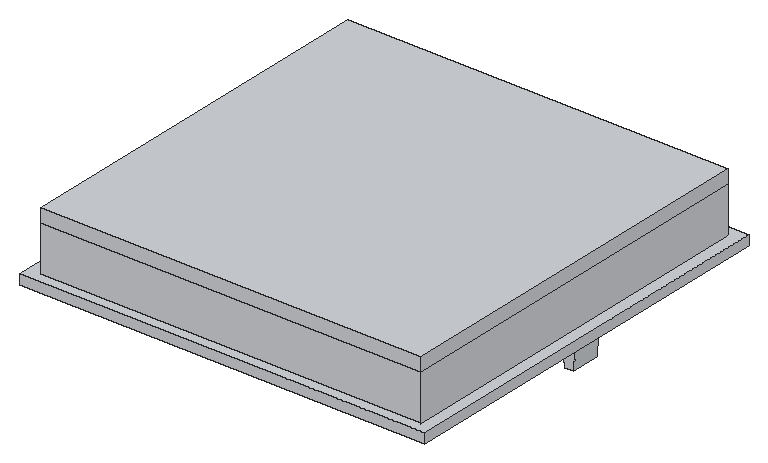
Revit family "Gira_067665", category Electrical Fixtures, host Face, Revit 2017
Family settings
  Host = Face
  Maintain Annotation Orientation = No
  Round Connector Dimension = Use Diameter
  Part Type = Normal
  Cut with Voids When Loaded = No
  Shared = No
  Room Calculation Point = No
Parameters (values of type "Rocker in.sp. Gira TX_44 (WP FM) c.alum.")
  With exchangeable lens/symbol = "No"
  URL = "http://katalog.gira.de/en/datenblatt.html?artikelnr=067665"
  Suitable for touch sensor connector for bus system = "No"
  Scannable symbol / barrier free = "No"
  Name = "Rocker in.sp. Gira TX_44 (WP FM) c.alum."
  Monitoring window/light outlet = "No"
  Model = "Single rocker"
  Manufacturer URL = "https://www.gira.de/"
  Manufacturer = "Gira"
  Keynote = ""
  HeinzeBIM = "https://bimportal.heinze.de/bim/rocker-in-sp-gira-tx-44-wp-fm-c-alum-/7549c26589b838824af40d59ec0e4299d2f08d32"
  HAN = "067665"
  GTIN = "4010337676652"
  Description = "Rock.in.sp. TX_44 CAl,Rocker with inscription space,,colour aluminium,Notes :,- Theft-prevention implemented via optional screw-in clamp piece. This makes plugging of cover frame unnecessary."
  Default Elevation = 1219.2 mm
  Data sheet (1) = "https://katalog.gira.de/en/download.html?artikelnr=067665"
  Category = "Control element/cover plate for domestic switching devices"
  BIM (1) = "https://media.stage.bim.site/public/gira/36a6b08/TX44_Abdeckung_Schalten und Tasten.rfa?public/gira/36a6b08/TX44_Abdeckung_Schalten und Tasten.rfa"
  Available = "No"
Reference planes
  plane 1 "Center (Front/Back)": y = 0
  plane 2: z = 0
  plane 3 "Center (Left/Right)": x = 0
Forms (mm)
  Extrusion 1, solid, detail levels fine
    sketch origin (0, 0, 0) x (1, 0, 0) y (0, 1, 0)
      loop
        line (34.85, 34.85) -> (-34.85, 34.85) -> (-34.85, -34.85) -> (34.85, -34.85) -> (34.85, 34.85)
      loop
        line (-31.45, 31.8) -> (-31.45, -31.8) -> (31.45, -31.8) -> (31.45, 31.8) -> (-31.45, 31.8)
    from 0 to 1.7
  Extrusion 2, solid, detail levels fine
    sketch origin (0, 0, 0) x (1, 0, 0) y (0, 1, 0)
      loop
        line (32.8, 33.05) -> (-32.8, 33.05) -> (-32.8, -33.05) -> (32.8, -33.05) -> (32.8, 33.05)
      loop
        line (-31.45, 31.8) -> (-31.45, -31.8) -> (31.45, -31.8) -> (31.45, 31.8) -> (-31.45, 31.8)
    from 1.566 to 9.515
  Extrusion 3, solid, detail levels fine
    sketch origin (0, 0, 0) x (1, 0, 0) y (0, 1, 0)
      loop
        line (32.8, 33.05) -> (-32.8, 33.05) -> (-32.8, -33.05) -> (32.8, -33.05) -> (32.8, 33.05)
    from 9.515 to 11.816
  Extrusion 4, solid, detail levels fine
    sketch origin (0, 0, 0) x (1, 0, 0) y (0, 0, 1)
      loop
        line (-32.815, 0) -> (-34.827, 0) -> (-34.611, -3.084) -> (-33.031, -3.084) -> (-32.815, 0)
      loop
        line (32.815, 0) -> (33.031, -3.084) -> (34.611, -3.084) -> (34.827, 0) -> (32.815, 0)
    from -2.513 to 2.5
  Extrusion 5, solid, detail levels fine
    sketch origin (0, 0, 0) x (1, 0, 0) y (0, 1, 0)
      loop
        spline (-23.686, 23.152) -> (-23.856, 23.114) -> (-24.022, 23.062) -> (-24.184, 22.995) -> (-24.338, 22.915) -> (-24.486, 22.821) -> (-24.624, 22.715) -> (-24.753, 22.597) -> (-24.87, 22.468) -> (-24.977, 22.33) -> (-25.07, 22.183) -> (-25.151, 22.028) -> (-25.218, 21.867)
        line (-25.218, 21.867) -> (-29.35, 10.513) -> (-29.35, -10.487) -> (-25.218, -21.841)
        spline (-25.218, -21.841) -> (-25.151, -22.002) -> (-25.07, -22.156) -> (-24.977, -22.304) -> (-24.87, -22.442) -> (-24.753, -22.571) -> (-24.624, -22.688) -> (-24.486, -22.795) -> (-24.338, -22.888) -> (-24.184, -22.969) -> (-24.022, -23.036) -> (-23.856, -23.088) -> (-23.686, -23.126)
        line (-23.686, -23.126) -> (0, -27.302) -> (23.686, -23.126)
        spline (23.686, -23.126) -> (23.856, -23.088) -> (24.022, -23.036) -> (24.184, -22.969) -> (24.338, -22.888) -> (24.486, -22.795) -> (24.624, -22.688) -> (24.753, -22.571) -> (24.87, -22.442) -> (24.977, -22.304) -> (25.07, -22.156) -> (25.151, -22.002) -> (25.218, -21.841)
        line (25.218, -21.841) -> (29.35, -10.487) -> (29.35, 10.513) -> (25.218, 21.867)
        spline (25.218, 21.867) -> (25.151, 22.028) -> (25.07, 22.183) -> (24.977, 22.33) -> (24.87, 22.468) -> (24.753, 22.597) -> (24.624, 22.715) -> (24.486, 22.821) -> (24.338, 22.915) -> (24.184, 22.995) -> (24.022, 23.062) -> (23.856, 23.114) -> (23.686, 23.152)
        line (23.686, 23.152) -> (0, 27.328) -> (-23.686, 23.152)
      loop
        line (-24.278, 21.525) -> (-28.35, 10.337) -> (-28.35, -10.311) -> (-24.278, -21.498)
        spline (-24.278, -21.498) -> (-24.245, -21.579) -> (-24.204, -21.656) -> (-24.157, -21.73) -> (-24.104, -21.799) -> (-24.045, -21.863) -> (-23.981, -21.922) -> (-23.912, -21.976) -> (-23.838, -22.022) -> (-23.761, -22.063) -> (-23.68, -22.096) -> (-23.597, -22.122) -> (-23.512, -22.141)
        line (-23.512, -22.141) -> (0, -26.287) -> (23.512, -22.141)
        spline (23.512, -22.141) -> (23.597, -22.122) -> (23.68, -22.096) -> (23.761, -22.063) -> (23.838, -22.022) -> (23.912, -21.976) -> (23.981, -21.922) -> (24.045, -21.863) -> (24.104, -21.799) -> (24.157, -21.73) -> (24.204, -21.656) -> (24.245, -21.579) -> (24.278, -21.498)
        line (24.278, -21.498) -> (28.35, -10.311) -> (28.35, 10.337) -> (24.278, 21.525)
        spline (24.278, 21.525) -> (24.245, 21.605) -> (24.204, 21.683) -> (24.157, 21.756) -> (24.104, 21.825) -> (24.045, 21.89) -> (23.981, 21.949) -> (23.912, 22.002) -> (23.838, 22.048) -> (23.761, 22.089) -> (23.68, 22.122) -> (23.597, 22.148) -> (23.512, 22.167)
        line (23.512, 22.167) -> (0, 26.313) -> (-23.512, 22.167)
        spline (-23.512, 22.167) -> (-23.597, 22.148) -> (-23.68, 22.122) -> (-23.761, 22.089) -> (-23.838, 22.048) -> (-23.912, 22.002) -> (-23.981, 21.949) -> (-24.045, 21.89) -> (-24.104, 21.825) -> (-24.157, 21.756) -> (-24.204, 21.683) -> (-24.245, 21.605) -> (-24.278, 21.525)
    from 4.866 to 9.515
  Extrusion 6, solid, detail levels fine
    sketch origin (0, 0, 0) x (1, 0, 0) y (0, 1, 0)
      loop
        arc (0, 8.51) -> (-1.055, 8.223) -> (-1.717, 7.352) r 1.7
        line (-1.717, 7.352) -> (-2.205, 5.894) -> (-2.205, 4.213) -> (-4.36, 4.213)
        arc (-4.36, 4.213) -> (-4.865, 4.091) -> (-5.257, 3.75) r 1.1
        arc (-5.257, 3.75) -> (-6.02, 2.328) -> (-6.406, 0.761) r 6.45
        arc (-6.406, 0.761) -> (-6.7, 0.013) -> (-6.406, -0.735) r 1.1
        arc (-6.406, -0.735) -> (-6.02, -2.302) -> (-5.257, -3.724) r 6.45
        arc (-5.257, -3.724) -> (-4.865, -4.064) -> (-4.36, -4.187) r 1.1
        line (-4.36, -4.187) -> (-2.1, -4.187) -> (-2.1, -5.243)
        arc (-2.1, -5.243) -> (-1.847, -5.944) -> (-1.206, -6.323) r 1.1
        arc (-1.206, -6.323) -> (0, -6.437) -> (1.206, -6.323) r 6.45
        arc (1.206, -6.323) -> (1.847, -5.944) -> (2.1, -5.243) r 1.1
        line (2.1, -5.243) -> (2.1, -4.187) -> (4.36, -4.187)
        arc (4.36, -4.187) -> (4.865, -4.064) -> (5.257, -3.724) r 1.1
        arc (5.257, -3.724) -> (6.02, -2.302) -> (6.406, -0.735) r 6.45
        arc (6.406, -0.735) -> (6.7, 0.013) -> (6.406, 0.761) r 1.1
        arc (6.406, 0.761) -> (6.02, 2.328) -> (5.257, 3.75) r 6.45
        arc (5.257, 3.75) -> (4.865, 4.091) -> (4.36, 4.213) r 1.1
        line (4.36, 4.213) -> (2.205, 4.213) -> (2.205, 5.894) -> (1.717, 7.352)
        arc (1.717, 7.352) -> (1.055, 8.223) -> (0, 8.51) r 1.7
    from -6.834 to 9.515
  Extrusion 7, solid, detail levels coarse
    sketch origin (0, 0, 0) x (1, 0, 0) y (0, 1, 0)
      loop
        line (34.85, 34.85) -> (-34.85, 34.85) -> (-34.85, -34.85) -> (34.85, -34.85) -> (34.85, 34.85)
    from -6.834 to 11.816
  Extrusion 8, solid, detail levels medium
    sketch origin (0, 0, 0) x (1, 0, 0) y (0, 1, 0)
      loop
        line (32.8, 33.05) -> (-32.8, 33.05) -> (-32.8, -33.05) -> (32.8, -33.05) -> (32.8, 33.05)
    from 1.566 to 11.816
  Extrusion 9, solid, detail levels medium
    sketch origin (0, 0, 0) x (1, 0, 0) y (0, 1, 0)
      loop
        line (34.85, 34.85) -> (-34.85, 34.85) -> (-34.85, -34.85) -> (34.85, -34.85) -> (34.85, 34.85)
    from 0 to 1.7
  Extrusion 10, solid, detail levels medium
    sketch origin (0, 0, 0) x (1, 0, 0) y (0, 1, 0)
      loop
        circle (0, 1.036) r 7.473
    from -6.834 to 9.515
  Extrusion 11, solid, detail levels medium
    sketch origin (0, 0, 0) x (1, 0, 0) y (0, 0, 1)
      loop
        line (-32.815, -3.084) -> (-32.815, 0) -> (-34.827, 0) -> (-34.827, -3.084) -> (-32.815, -3.084)
      loop
        line (32.815, -3.084) -> (34.827, -3.084) -> (34.827, 0) -> (32.815, 0) -> (32.815, -3.084)
    from -2.513 to 2.5
Dimensions and locks
  aligned and locked: plane 2 to host face
  aligned and locked: level to host face
